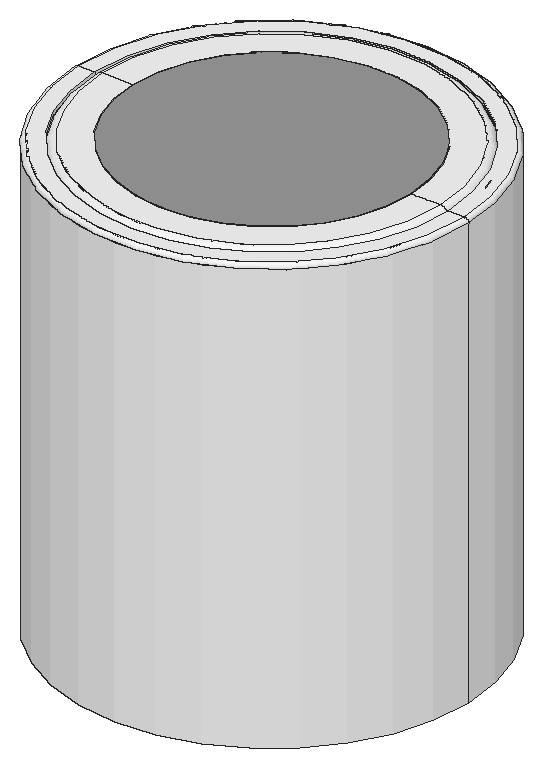
Revit family "3098177 Lighting Fixture_Sylvania_Insaver LED II 150 LO_Surface Mounted", category Lighting Fixtures, host Face, Revit 2017
Family settings
  Host = Face
  Round Connector Dimension = Use Diameter
  Part Type = Normal
  OmniClass Number = 23.80.70.11.17
  OmniClass Title = Specialized Lighting by Location or Use
  Cut with Voids When Loaded = No
  Light Source = Yes
  Shared = No
  Room Calculation Point = No
Parameters (values of type "Insaver LED II 150 High Output NW 1-10 Surface Mounted")
  Ta Rating = "0°C to 55°C"  # constant formula
  Reflector Material = Metal_Sylvania_Insaver LED II_Polished
  LOR = "100%"  # constant formula
  IP Rating = "IP23 (44 with accessory)"  # constant formula
  Height = 208.0 mm
  Glare Control = "UGR <19 (using accessory)"  # constant formula
  Energy Class = "A++,A+,A"  # constant formula
  Weight = 0 kg
  Wattage = 24.7423 W
  built-in parameter 1150110 = 1 (stored number, unit not read)
  Voltage Comments = "UNV (Universal Voltage; 220-240 Volt)"  # constant formula
  Voltage = 230 V  # constant formula
  URL = "http://www.sylvania-lighting.com"
  built-in parameter 1114217 = 1 (stored number, unit not read)
  Tilt Angle = -90°
  built-in parameter 1150109 = 1 (stored number, unit not read)
  built-in parameter 1150134 = 12
  built-in parameter 1150113 = 1 (stored number, unit not read)
  Product Page URL = "http://www.sylvania-lighting.com/product/en-int/products/3098177"
  Product Family = "INSAVER LED II 150 Surface Mounted"  # constant formula
  Photometry Comments = ""
  Photometric Web File = "3098177_InsaverLEDII150HighOutputNW1-10SurfaceMounted-202225.ies"
  Life = "50 000 h"  # constant formula
  Emit from Circle Diameter = Diffuser Diameter  # 133.0 mm
  Emit Shape Visible in Rendering = no
  Drive Current = "900mA"  # constant formula
  Distribution type = "Direct - symmetrical"  # constant formula
  Diffuser Material = Glass_Sylvania_Insaver LED II_4000K
  Diffuser Diameter = Accessory Diameter - 36.0 mm  # 133.0 mm
  Colour consistency (SDCM) = "3 step"  # constant formula
  built-in parameter 1114216 [instance] = 1 (stored number, unit not read)
  Model = "Insaver LED II 150 High Output NW 1-10 Surface Mounted"
  Manufacturer = "Feilo Sylvania"
  built-in parameter 1150105 = 1799 (stored number, unit not read)
  Lumens = 2400 lm
  built-in parameter 1150115 = 1 (stored number, unit not read)
  built-in parameter 1150137 = (empty or 0)
  built-in parameter 1150139 = (empty or 0)
  built-in parameter 1150112 = 1 (stored number, unit not read)
  built-in parameter 1150114 = 1 (stored number, unit not read)
  Lamp Comments = "Integrated LED"  # constant formula
  Lamp = ""
  built-in parameter 1150132 = 2
  built-in parameter 1150102 = (empty or 0)
  built-in parameter 1150107 = 4000 (stored number, unit not read)
  built-in parameter 1150138 = (empty or 0)
  built-in parameter 1150106 = 17.99 (stored number, unit not read)
  CRI ( Ra ) = 80  # constant formula
  Body Material = Plastic_Sylvania_Insaver LED II_White
  built-in parameter 1150104 = 9.0116 (stored number, unit not read)
  Dimming Lamp Color Temperature Shift = <None>
  Description = "Circular LED downlight with up to 114lm/W efficacy and 2,400 luminaire lumen output. Innovative easy installation system allows for a rapid, single point installation. For 150mm cut outs. IP44 or UGR<19 compliant with additional accessories. 3 hour emergency and surface mounted versions available. Plus3 version includes Wieland GST connector."  # constant formula
  Default Elevation = 0.0 mm
  Color Filter = 16777215
  Catalog Number = "3098177 Insaver LED II 150 High Output NW 1-10 Surface Mounted"
  built-in parameter 1140040 [instance] = 1
  Radius = Diameter / 2  # 94.0 mm
  Diameter = 188.0 mm
  Beam Angle = 76°  # constant formula
  built-in parameter 1114218 = 1 (stored number, unit not read)
  built-in parameter 1150133 = 10 (stored number, unit not read)
  Assembly Code = "D5020200"
  Apparent Load Comments = ""
  Apparent Load = 22 VA
  Accessory Radius = Accessory Diameter / 2  # 84.5 mm
  Accessory Material = Plastic_Sylvania_Insaver LED II_White
  Accessory Diameter = Diameter - 19.0 mm  # 169.0 mm
Reference planes
  plane 1 "Center (Front/Back)": y = 0
  plane 2: z = 0
  plane 3 "Center (Left/Right)": x = 0
  plane 4: z = 202
  plane 5 "Fixture Bottom": z = 208
  plane 6: z = 205
  plane 7: z = 9.5
  plane 8: z = 148
Forms (mm)
  Revolve 1, solid, material "Plastic_Sylvania_Insaver LED II_White" <- "Accessory Material", detail levels fine
    sketch origin (0, 0, 206.916) x (1, 0, 0) y (0, 0, 1)
      loop
        line (-84.5, -4.916) -> (-66.5, -4.916) -> (-66.5, 1.084) -> (-80.5, 1.084)
        arc (-80.5, 1.084) -> (-83.328, -0.088) -> (-84.5, -2.916) r 4
        line (-84.5, -2.916) -> (-84.5, -4.916)
      axis (0, 1.084) -> (0, -4.916)
    angle from 0 to 360
  Extrusion 2, solid, material "Glass_Sylvania_Insaver LED II_4000K" <- "Diffuser Material", detail levels fine
    sketch origin (0, 0, 206.916) x (1, 0, 0) y (0, 1, 0)
      loop
        circle (0, 0) r 66.5
    from -4.916 to 1.084
  Extrusion 3, solid, material "Plastic_Sylvania_Insaver LED II_White" <- "Body Material", detail levels fine
    sketch origin (0, 0, 0) x (1, 0, 0) y (0, 1, 0)
      loop
        circle (0, 0) r 94
      loop
        circle (0, 0) r 84.5
    from 0 to 205
  Revolve 4, solid, material "Plastic_Sylvania_Insaver LED II_White" <- "Body Material", detail levels fine
    sketch origin (0, 0, 0) x (1, 0, 0) y (0, 0, 1)
      loop
        line (-94, 205) -> (-84.5, 205) -> (-84.5, 207) -> (-92, 207)
        arc (-92, 207) -> (-93.414, 206.414) -> (-94, 205) r 2
      axis (0, 207) -> (0, 205)
    angle from 0 to 360
  Extrusion 5, solid, material "Plastic_Sylvania_Insaver LED II_White" <- "Body Material", detail levels fine
    sketch origin (0, 0, 0) x (1, 0, 0) y (0, 1, 0)
      loop
        circle (0, 0) r 84.5
    from 0 to 9.5
  Revolve 6, solid, detail levels fine
    sketch origin (0, 0, 0) x (1, 0, 0) y (0, 0, 1)
      loop
        line (0, 148) -> (0, 150)
        arc (0, 150) -> (-48.672, 164.089) -> (-82.291, 202) r 91.113
        line (-82.291, 202) -> (-84.5, 202)
        arc (-84.5, 202) -> (-50.14, 162.653) -> (0, 148) r 93.113
      axis (0, 202) -> (0, 148)
    angle from 0 to 360
  Extrusion 7, solid, material "Plastic_Sylvania_Insaver LED II_White" <- "Body Material", detail levels coarse+medium
    sketch origin (0, 0, 0) x (1, 0, 0) y (0, 1, 0)
      loop
        circle (0, 0) r 94
    from 0 to 208
Cuts and joins
  joined: Extrusion 3, Revolve 4, Extrusion 5
Lines and regions (mm)
  Masking region 1
    outline origin (0, 0, 0) x (1, 0, 0) y (0, 1, 0)
      loop
        circle (0, 0) r 94
  symbolic lines, detail levels fine
    curve 1: arc (66.5, 0, 0) -> (0, 66.5, 0) -> (-66.5, 0, 0) r 66.5
    curve 2: arc (-66.5, 0, 0) -> (0, -66.5, 0) -> (66.5, 0, 0) r 66.5
Dimensions and locks
  locked: Revolve 1 sketch curve to Revolve 1 sketch curve at 18
  "Accessory Radius": plane 3 "Center (Left/Right)" to Revolve 1 sketch curve
  locked: Revolve 1 sketch curve to plane 4 at 2
  plane 5 "Fixture Bottom" to plane 6 to plane 4 to plane 8 = 3.0 mm locked, 3.0 mm locked, 54.0 mm locked
  "Height": plane 5 "Fixture Bottom" to plane 2
  locked: Revolve 4 sketch curve to plane 6 at 2
  locked: plane 7 to plane 2 at 9.5
  "Radius": plane 3 "Center (Left/Right)" to Revolve 4 sketch curve
  locked: Revolve 4 sketch curve to Revolve 4 sketch curve at 9.5
  "Accessory Radius": plane 3 "Center (Left/Right)" to Revolve 6 sketch curve
  locked: Revolve 6 sketch curve to Revolve 6 sketch curve at 2.209
  locked: Revolve 6 sketch curve to plane 8 at 2
  "Diffuser Diameter": diameter of Extrusion 2 sketch curve
  "Diameter": diameter of Extrusion 3 sketch curve
  "Accessory Diameter": diameter of Extrusion 3 sketch curve
  "Accessory Diameter": diameter of Extrusion 5 sketch curve
  "Diameter": diameter of Extrusion 7 sketch curve
  aligned and locked: plane 2 to host face
  aligned and locked: level to host face
  aligned and locked: imposter light to plane 1 "Center (Front/Back)"
  aligned and locked: plane 4 to Revolve 1 sketch curve
  aligned and locked: Revolve 1 sketch curve to plane 3 "Center (Left/Right)"
  aligned and locked: plane 4 to Extrusion 2
  aligned and locked: Extrusion 2 to plane 5 "Fixture Bottom"
  aligned and locked: Extrusion 3 to plane 6
  aligned and locked: Extrusion 3 to plane 2
  aligned and locked: Revolve 4 sketch curve to plane 3 "Center (Left/Right)"
  aligned and locked: plane 5 "Fixture Bottom" to Revolve 1 sketch curve
  aligned and locked: plane 6 to Revolve 4 sketch curve
  aligned and locked: Extrusion 5 to plane 2
  aligned and locked: Extrusion 5 to plane 7
  aligned and locked: imposter light to plane 3 "Center (Left/Right)"
  aligned and locked: imposter light to plane 5 "Fixture Bottom"
  aligned and locked: Revolve 6 sketch curve to imposter light
  aligned and locked: Revolve 6 sketch curve to plane 4
  aligned and locked: imposter light to Revolve 6 sketch curve
  aligned and locked: Extrusion 7 to plane 5 "Fixture Bottom"
  aligned and locked: Extrusion 7 to plane 2
  aligned and locked: Masking region 1 sketch curve to Extrusion 7  (x2)
  aligned and locked: curve 1 to Extrusion 2
  aligned and locked: curve 2 to Extrusion 2
Automatic sketch dimensions
  host sketch curve to host sketch curve = 1040.406 mm
  host sketch curve to host sketch curve = 988.385 mm
  plane 4 to Revolve 1 sketch curve = 23.903 mm
  Revolve 1 sketch curve to plane 5 "Fixture Bottom" = 38.423 mm
  plane 1 "Center (Front/Back)" to Extrusion 2 sketch curve = 0.0 mm
  Extrusion 2 sketch curve to plane 3 "Center (Left/Right)" = 0.0 mm
  Extrusion 3 sketch curve to Extrusion 3 sketch curve = 0.0 mm  (x2)
  plane 1 "Center (Front/Back)" to Extrusion 3 sketch curve = 0.0 mm
  Extrusion 3 sketch curve to plane 3 "Center (Left/Right)" = 0.0 mm
  Revolve 4 sketch curve to plane 5 "Fixture Bottom" = 23.931 mm
  Revolve 4 sketch curve to Revolve 4 sketch curve = 16.615 mm
  plane 1 "Center (Front/Back)" to Extrusion 5 sketch curve = 0.0 mm
  Extrusion 5 sketch curve to plane 3 "Center (Left/Right)" = 0.0 mm
  Revolve 6 sketch curve to Revolve 6 sketch curve = 0.0 mm
  plane 4 to Revolve 6 sketch curve = 22.636 mm
  Revolve 6 sketch curve to Revolve 6 sketch curve = 1.749 mm
  plane 1 "Center (Front/Back)" to Extrusion 7 sketch curve = 0.0 mm
  Extrusion 7 sketch curve to plane 3 "Center (Left/Right)" = 0.0 mm
Connectors
  electrical at (0, 0, 0), driven by "Voltage", driven by "Apparent Load"
    settings: on cut or joined group of Extrusion 3, Revolve 4, Extrusion 5, index 1, voltage 230 V, apparent load 0 VA, apparent load phase1 22 VA, apparent load phase2 0 VA, apparent load phase3 0 VA, power factor 1, load classification "Lighting", number of poles 1, system type 31, power factor state 1, is connector primary yes, connector utility no, sub classification motor no, connector description ""
